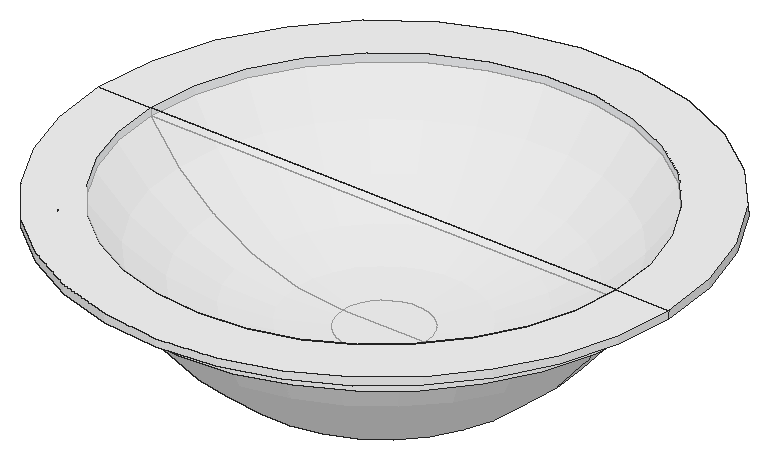
Revit family "0030336 Sylvania Lighting Fixture START Downlight 205 IP44 DALI 2025Lm 830", category Lighting Fixtures, host Face, Revit 2016
Family settings
  Host = Face
  Part Type = Normal
  Round Connector Dimension = Use Diameter
  OmniClass Number = 23.80.70.00
  OmniClass Title = Lighting
  Cut with Voids When Loaded = No
  Light Source = Yes
  Shared = No
  Room Calculation Point = No
Parameters (values of type "0030336 ST DOWNLIGHT 205 IP44 DALI 2025LM 830")
  Weight = "9.012 kg"
  Wattage Comments = ""
  Wattage = 20 W
  WarrantyStartDate [instance] = "n/a"
  WarrantyGuarantorParts = "n/a"
  WarrantyDurationUnit = "n/a"
  WarrantyDurationParts = "n/a"
  WarrantyDescription = "n/a"
  built-in parameter 1150110 = 1 (stored number, unit not read)
  Voltage = 230 V
  URL = "http://www.sylvania-lighting.com"
  TypeName = "START Downlight 205 IP44 DALI 2025Lm 830"
  Type Image = <None>
  Type Comments = "n/a"
  built-in parameter 1114217 = 1 (stored number, unit not read)
  Tilt Angle = -90.00°
  built-in parameter 1150109 = 1 (stored number, unit not read)
  built-in parameter 1150134 = (empty or 0)
  built-in parameter 1150113 = 1 (stored number, unit not read)
  SerialNumber [instance] = "n/a"
  S_SYL = no
  RadiusTop_SYL = if(S_SYL, 80 mm, if(M_SYL, 100 mm, if(L_SYL, 120 mm, 120 mm)))  # 120 mm
  Photometric Web File = "0030336.ies"
  Material_3_FEILO = Top-Sylvania-STARTDownlight
  PowerFactor = 0.9
  PowerConsumption = "20 W"
  NominalLength = 220 mm
  NominalHeight = 60 mm
  NominalDepth = 220 mm
  Name = "START Downlight 205 IP44 DALI 2025Lm 830"
  ModelReference = Name  # "START Downlight 205 IP44 DALI 2025Lm 830"
  ModelNumber = "0030336"
  Model = Name  # "START Downlight 205 IP44 DALI 2025Lm 830"
  Material = "aluminium housing, polycarbonate diffuser"
  ManufacturerName = "Feilo Sylvania"
  Manufacturer = "Feilo Sylvania"
  M_SYL = no
  LuminousEfficacy = "97.72 lm/W"
  built-in parameter 1150105 = 1048.1 (stored number, unit not read)
  Lumens = 1954.4 lm
  LuminaireType = ""
  built-in parameter 1150115 = 1 (stored number, unit not read)
  LightOutputRatio = "100"
  built-in parameter 1150137 = (empty or 0)
  built-in parameter 1150139 = (empty or 0)
  LampsType = Lamp  # "LED"
  LampNominalLuminous = "1954 lm"
  LampMacAdamStep = "5"
  LampColourTemperature = "3000 K"
  LampColourRenderingIndex = "80"
  built-in parameter 1150112 = 1 (stored number, unit not read)
  built-in parameter 1150114 = 1 (stored number, unit not read)
  Lamp = "LED"
  L_SYL = yes
  Keynote = "16500"
  InstallationDate [instance] = "n/a"
  InputVoltage = "220-240V~"
  InputNominalFrequency = "50/60 Hz"
  built-in parameter 1150132 = (empty or 0)
  built-in parameter 1150102 = (empty or 0)
  built-in parameter 1150107 = 3000 (stored number, unit not read)
  built-in parameter 1150138 = (empty or 0)
  IngressProtection = "IP20/44"
  ImpactProtectionIndex = "IK07"
  built-in parameter 1150106 = 10.481 (stored number, unit not read)
  IfcExportType = "IfcLightFixtureType"
  IfcExportAs = "IfcLightFixtureType"
  Height_SYL = if(S_SYL, 41 mm, if(M_SYL, 47 mm, if(L_SYL, 56 mm, 62 mm)))  # 56 mm
  ExpectedLife = 50000
  Emit from Circle Diameter = Diameter_SYL - 40 mm  # 180 mm
  Emit Shape Visible in Rendering = no
  ElectricShockClassification = "Class II"
  built-in parameter 1150104 = 9.0785 (stored number, unit not read)
  DurationUnit = "hours"
  DocumentationLiterature = "http://www.sylvania-lighting.com/product/en-int/products/0030336"
  DimmingControlOptions = "Dimmable"
  Material_2_FEILO = Diffuser-Sylvania-STARTDownlight
  Dimming Lamp Color Temperature Shift = <None>
  Diameter_SYL = if(S_SYL, 164 mm, if(M_SYL, 193 mm, if(L_SYL, 220 mm, 240 mm)))  # 220 mm
  DiameterTop_SYL = if(S_SYL, 77 mm, if(M_SYL, 81 mm, if(L_SYL, 104 mm, 105 mm)))  # 104 mm
  DiameterRecess_SYL = if(S_SYL, 141 mm, if(M_SYL, 169 mm, if(L_SYL, 198 mm, 216 mm)))  # 198 mm
  Description = ""
  Default Elevation = 1219.2 mm
  CreatedOn = "8/1/2018"
  CreatedBy = "@sylvania-lighting.com"
  Cost = 0
  Color Filter = 16777215
  built-in parameter 1114216 [instance] = (empty or 0)
  ClassificationValue = "EF_70_80"
  ClassificationName = "Uniclass2015"
  Material_1_FEILO = Trim-Sylvania-STARTDownlight-White
  BarCode [instance] = "n/a"
  built-in parameter 1114218 = 1 (stored number, unit not read)
  built-in parameter 1150133 = 10 (stored number, unit not read)
  AssetType = "Fixed"
  AssetIdentifier [instance] = "n/a"
  Assembly Code = "D5020200"
  Apparent Load = 20 VA
  Material_4_FEILO = LED-Sylvania-STARTDownlight
Reference planes
  plane 1 "Center (Front/Back)": y = 0
  plane 2: z = 0
  plane 3 "Center (Left/Right)": x = 0
  plane 4: x = 110
  plane 5: x = -110
  plane 6: z = 3
  plane 7: z = -8
  plane 8: z = -51
  plane 9: z = -53
  plane 10: x = -99
  plane 11: x = 99
  plane 12: x = -52
  plane 13: x = 52
  plane 14: x = -90
  plane 15: x = 90
  plane 16: z = -85
  plane 17: x = -90
  plane 18: z = 2
  plane 19: z = -41
  plane 20: x = -16
Forms (mm)
  Revolve 1, solid
    sketch origin (0, 0, 0) x (1, 0, 0) y (0, 0, 1)
      loop
        line (-110, 3) -> (-110, 0) -> (-99, 0) -> (-99, -8) -> (-90, -8)
        arc (-90, -8) -> (-73.608, -31.805) -> (-52, -51) r 120
        line (-52, -51) -> (0, -51) -> (0, -41) -> (-16, -41)
        arc (-16, -41) -> (-58.3, -30.065) -> (-90, 0) r 87.28
        line (-90, 0) -> (-90, 3) -> (-110, 3)
      axis (0, 3) -> (0, -51)
    angle from 360 to 0
  Revolve 2, void
    sketch origin (0, 0, 0) x (1, 0, 0) y (0, 0, 1)
      loop
        line (0, 0) -> (-99, 0) -> (-99, -85) -> (0, -85) -> (0, 0)
      axis (0, 0) -> (0, -85)
    angle from 360 to 0
  Revolve 3, solid, material "Diffuser-Sylvania-STARTDownlight" <- "Material_2_FEILO"
    sketch origin (0, 0, 0) x (1, 0, 0) y (0, 0, 1)
      loop
        line (-90, 3) -> (-90, 0) -> (0, 0) -> (0, 3) -> (-90, 3)
      axis (0, 3) -> (0, 0)
    angle from 360 to 0
Dimensions and locks
  equal spacing: plane 4, plane 3 "Center (Left/Right)", plane 5
  "Diameter_SYL": plane 4 to plane 5
  equal spacing: plane 11, plane 3 "Center (Left/Right)", plane 10
  equal spacing: plane 13, plane 3 "Center (Left/Right)", plane 12
  "DiameterTop_SYL": plane 13 to plane 12
  equal spacing: plane 15, plane 3 "Center (Left/Right)", plane 14
  locked: plane 6 to plane 2 at 3
  "Height_SYL": plane 6 to plane 9
  locked: plane 8 to plane 9 at 2
  locked: plane 2 to plane 7 at 8
  locked: plane 2 to plane 16 at 85
  locked: plane 17 to plane 5 at 20
  locked: plane 6 to plane 18 at 1
  "DiameterRecess_SYL": plane 11 to plane 10
  locked: plane 19 to plane 8 at 10
  locked: plane 3 "Center (Left/Right)" to plane 20 at 16
  locked: plane 14 to plane 5 at 20
  "RadiusTop_SYL": radius of Revolve 1 sketch curve
  aligned and locked: plane 2 to host face
  aligned and locked: level to host face
  aligned and locked: Revolve 1 sketch curve to plane 5
  aligned and locked: Revolve 1 sketch curve to level
  aligned and locked: plane 7 to Revolve 1 sketch curve
  aligned and locked: Revolve 1 sketch curve to plane 10
  aligned and locked: plane 14 to Revolve 1 sketch curve
  aligned and locked: plane 3 "Center (Left/Right)" to Revolve 1 sketch curve
  aligned and locked: Revolve 1 sketch curve to plane 8
  aligned and locked: Revolve 1 sketch curve to plane 3 "Center (Left/Right)"
  aligned and locked: Revolve 2 sketch curve to plane 3 "Center (Left/Right)"
  aligned and locked: plane 3 "Center (Left/Right)" to Revolve 2 sketch curve
  aligned and locked: Revolve 2 sketch curve to plane 10
  aligned and locked: plane 16 to Revolve 2 sketch curve
  aligned and locked: Revolve 1 sketch curve to plane 6
  aligned and locked: plane 19 to Revolve 1 sketch curve
  aligned and locked: plane 20 to Revolve 1 sketch curve
  aligned and locked: Revolve 1 sketch curve to Revolve 1 sketch curve
  aligned and locked: plane 17 to Revolve 1 sketch curve
  aligned and locked: plane 2 to Revolve 1 sketch curve
  aligned and locked: Revolve 3 sketch curve to plane 3 "Center (Left/Right)"  (x2)
  aligned and locked: plane 3 "Center (Left/Right)" to imposter light
  aligned and locked: imposter light to plane 18
  aligned and locked: imposter light to plane 1 "Center (Front/Back)"
  aligned and locked: plane 14 to Revolve 3 sketch curve
Automatic sketch dimensions
  host sketch curve to host sketch curve = 2438.4 mm  (x2)
  plane 16 to Revolve 2 sketch curve = 524.6 mm
  Revolve 2 sketch curve to plane 6 = 2606.058 mm
  Revolve 1 sketch curve to plane 12 = 0 mm
  plane 16 to Revolve 1 sketch curve = 524.6 mm
  Revolve 1 sketch curve to Revolve 1 sketch curve = 2581.366 mm
  Revolve 2 sketch curve to level = 0 mm
  Revolve 3 sketch curve to plane 6 = 0 mm
  Revolve 3 sketch curve to level = 0 mm
  plane 16 to Revolve 3 sketch curve = 524.6 mm
  Revolve 3 sketch curve to Revolve 3 sketch curve = 2606.058 mm
Connectors
  electrical at (0, 0, 0), driven by "Apparent Load", driven by "PowerFactor", driven by "Voltage"
    settings: index 1, voltage 230 V, apparent load 20 VA, apparent load phase1 0 VA, apparent load phase2 0 VA, apparent load phase3 0 VA, power factor 0.9, load classification "Lighting", number of poles 1, system type 30, power factor state 1, is connector primary yes, connector utility no, sub classification motor no, connector description ""
